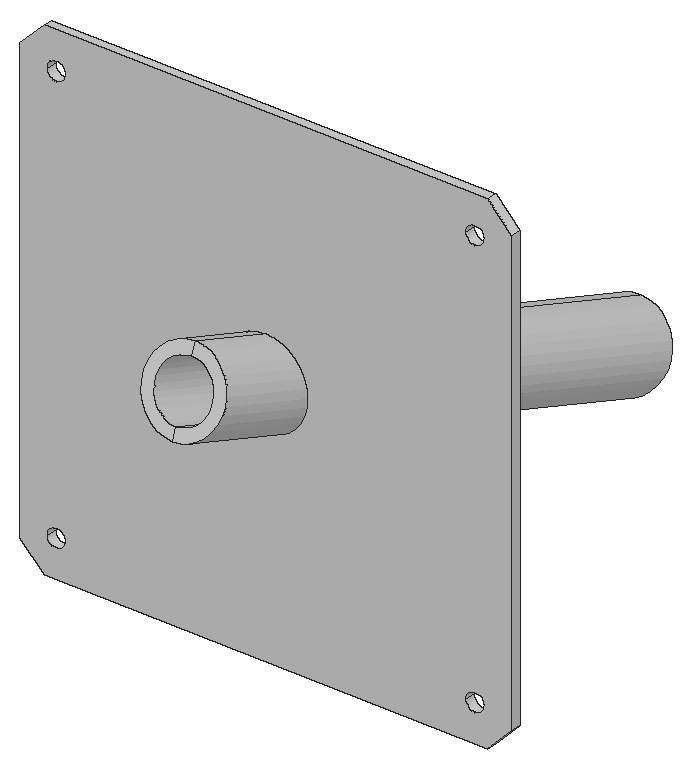
Revit family "OmegaFlex-TracPipe-Stub_Out-Fireplace", category Pipe Accessories, Revit 2026
Family settings
  Round Connector Dimension = Use Radius
  Part Type = Breaks Into
  Classification Number = 23.60.30.11.17
  Work Plane-Based = No
  Always vertical = Yes
  Cut with Voids When Loaded = No
  Shared = No
Parameters (values of type "1/2"")
  URL = "https://www.omegaflex.com/"
  TracPipe Inner Diameter [instance] = TracPipe Diameter - 0' 0 1/4"  # 0' - 0 151/256"
  TracPipe Diameter [instance] = 215/256"  # constant formula
  Part Number [instance] = "FGP-FPT-500"  # constant formula
  Part Description [instance] = "Fireplace Stub-Out"  # constant formula
  Nominal Radius 1 [instance] = 1/4"  # constant formula
  Nominal Diameter 1 [instance] = Nominal Radius 1 * 2  # 1/2"
  Model = "TracPipe CounterStrike"  # constant formula
  Manufacturer = "OmegaFlex"
  Description = "See Part Description"
  Default Elevation = 0' - 0"
Reference planes (in)
  plane 1 "Center (Front/Back)": y = 0
  plane 2: z = 0
  plane 3 "Center (Left/Right)": x = 0
  plane 4: x = -2.5
  plane 5: x = 2.5
  plane 6: y = -0.1
  plane 7: z = 2.5
  plane 8: z = -2.5
  plane 9: x = -2.25
  plane 10: z = 2.25
  plane 11: x = 2.25
  plane 12: z = -2.25
  plane 13: z = 2.125
  plane 14: z = -2.125
  plane 15: x = 2.125
  plane 16: x = -2.125
  plane 17: through (0, 0, 0) normal (0, -0.342, -0.9397)
  plane 18: through (0, 3.27171, -1.50465) normal (0, 0.342, 0.9397)
  plane 19: through (0, 3.22895, -1.62211) normal (0, 0.342, 0.9397)
  plane 20: through (0, 3.47344, -0.95038) normal (0, 0.342, 0.9397)
  plane 21: through (0, 3.5162, -0.83292) normal (0, 0.342, 0.9397)
  plane 22: through (0, -0.1, -0.41047) normal (0, 0.9397, -0.342)
  plane 23: through (0, 0, -0.44687) normal (0, 0.9397, -0.342)
Forms (in)
  Extrusion 1, solid, material "Stainless Steel - OmegaFlex"
    sketch origin (0, 0, 0) x (1, 0, 0) y (0, 0, 1)
      loop
        line (-2.25, 2.5) -> (-2.5, 2.25) -> (-2.5, -2.25) -> (-2.25, -2.5) -> (2.25, -2.5) -> (2.5, -2.25) -> (2.5, 2.25) -> (2.25, 2.5) -> (-2.25, 2.5)
      loop
        circle (-2.125, 2.125) r 0.094
      loop
        circle (2.125, 2.125) r 0.094
      loop
        circle (2.125, -2.125) r 0.094
      loop
        circle (-2.125, -2.125) r 0.094
    from 0 to 0.1
  Revolve 2, solid, material "Stainless Steel - OmegaFlex"
    sketch origin (0, 0, 0) x (0, 1, 0) y (0, 0, 1)
      loop
        line (4.36675, -2.03624) -> (4.4095, -1.91878) -> (-1.24032, 0.13759) -> (-1.28307, 0.02013) -> (4.36675, -2.03624)
      axis (-1.13945, 0.41473) -> (4.51037, -1.64164)
    angle from 0 to 360
  Revolve 3, void
    sketch origin (0, 0, 0) x (0, 1, 0) y (0, 0, 1)
      loop
        line (0.40471, 0.29957) -> (-0.1826, 0.51333) -> (-0.32622, 0.11874) -> (0.26108, -0.09503) -> (0.40471, 0.29957)
      axis (-0.32622, 0.11874) -> (0.26108, -0.09503)
    angle from 0 to 360
Cuts and joins
  Revolve 3 cuts Extrusion 1
Dimensions and locks (in)
  equal spacing: plane 7, plane 2, plane 8
  locked: plane 7 to plane 8 at 5
  locked: plane 6 to plane 1 "Center (Front/Back)" at 0.1
  locked: plane 7 to plane 10 at 0.25
  locked: plane 9 to plane 4 at 0.25
  locked: plane 11 to plane 5 at 0.25
  locked: plane 12 to plane 8 at 0.25
  equal spacing: plane 15, plane 3 "Center (Left/Right)", plane 16
  equal spacing: plane 13, plane 2, plane 14
  locked: plane 13 to plane 14 at 4.25
  locked: plane 15 to plane 16 at 4.25
  equal spacing: plane 18, plane 17, plane 20
  "TracPipe Inner Diameter": plane 18 to plane 20
  equal spacing: plane 19, plane 17, plane 21
  "TracPipe Diameter": plane 19 to plane 21
  locked: plane 22 to Revolve 2 sketch curve at 1.259
  locked: Revolve 2 sketch curve to plane 23 at 4.647
  locked: plane 23 to Revolve 3 sketch curve at 0.5
  locked: Revolve 3 sketch curve to plane 23 at 0.125
  locked: plane 1 "Center (Front/Back)" to plane 17 (angle 110.00°)
  aligned and locked: plane 2 to level
  aligned and locked: Extrusion 1 sketch curve to plane 7
  aligned and locked: Extrusion 1 sketch curve to plane 4
  aligned and locked: plane 5 to Extrusion 1 sketch curve
  aligned and locked: Extrusion 1 sketch curve to plane 8
  aligned and locked: plane 16 to Extrusion 1 sketch curve  (x2)
  aligned and locked: plane 13 to Extrusion 1 sketch curve  (x2)
  aligned and locked: plane 15 to Extrusion 1 sketch curve  (x2)
  aligned and locked: plane 14 to Extrusion 1 sketch curve  (x2)
  aligned and locked: plane 6 to Extrusion 1
  aligned and locked: Revolve 2 sketch curve to plane 19
  aligned and locked: Revolve 2 sketch curve to plane 18
  aligned and locked: Revolve 2 sketch curve to plane 17
  aligned and locked: Revolve 3 sketch curve to plane 21
  aligned and locked: plane 17 to Revolve 3 sketch curve
  aligned and locked: Revolve 3 sketch curve to plane 17
Automatic sketch dimensions
  Extrusion 1 sketch curve to plane 9 = 0' - 0"  (x2)
  plane 11 to Extrusion 1 sketch curve = 0' - 0"  (x2)
  Extrusion 1 sketch curve to plane 12 = 0' - 0"  (x2)
  Extrusion 1 sketch curve to plane 10 = 0' - 0"  (x2)
  Revolve 2 sketch curve to plane 7 = 0' - 0.73085"
  plane 8 to Revolve 2 sketch curve = 0' - 0.24025"
  Revolve 3 sketch curve to plane 7 = 0' - 0.73085"
  plane 8 to Revolve 3 sketch curve = 0' - 0.24025"
  radius of Extrusion 1 sketch curve = 0' - 0.094"  (x4)
Connectors (in)
  piping at (0, -1.13945, 0.41473), diameter 0.5, driven by "Nominal Radius 1"
    settings: on Revolve 2, index 1, connector inside diameter 24", connector length 0' - 0", flow factor 0, pipe flow 0 GPM, pressure drop 0.00 psi, fitting loss kfactor 0, connector angle 0.00°, fixture units 0, engagement length 0' - 0", angle of deflection 0.00°, flow configuration 0, flow direction 0, fitting loss method 0, system type 28, joint type 0, gender type 0, connector reference index 2, connector utility 0, adjustable connector no, is connector primary yes, connector description ""
  piping at (0, 4.51037, -1.64164), diameter 0.5, driven by "Nominal Radius 1"
    settings: on Revolve 2, index 2, connector inside diameter 24", connector length 0' - 0", flow factor 0, pipe flow 0 GPM, pressure drop 0.00 psi, fitting loss kfactor 0, connector angle 0.00°, fixture units 0, engagement length 0' - 0", angle of deflection 0.00°, flow configuration 0, flow direction 0, fitting loss method 0, system type 28, joint type 0, gender type 0, connector reference index 1, connector utility 0, adjustable connector no, is connector primary no, connector description ""
